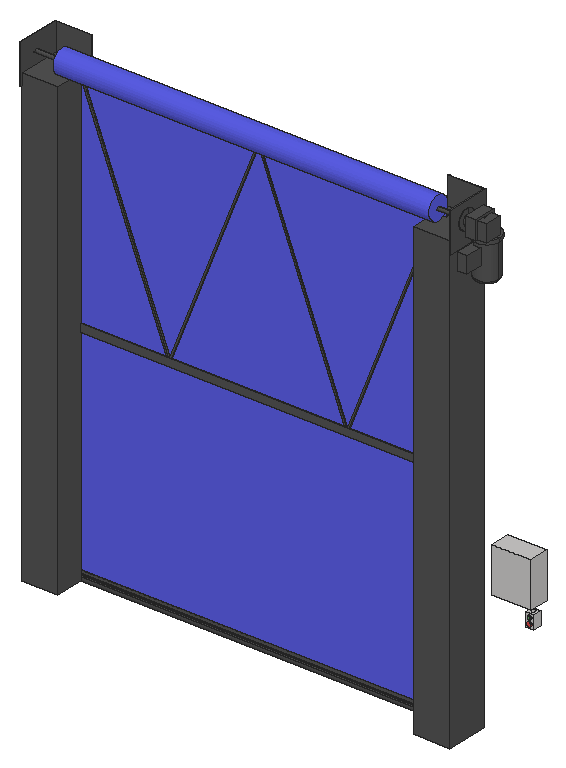
Revit family "Door_Rollup_SuperSeal_8500L", category Doors, host Wall, Revit 2011
Parameters (values of type "ByType")
  Wind Load = ""
  Water Penetration = ""
  Vision Panel Sill [instance] = 4' - 0"
  Vision Panel Material = Fabric - Vinyl - Super Seal - Transparent
  Vision Panel Height [instance] = 2' - 0"
  Vision Panel [instance] = no
  Sound Transmission Class (STC) = 0
  RO Offset = 0' - 0 1/2"
  Panel Material = Fabric - Vinyl - Super Seal - Blue
  Max Door Width = 30' - 0"
  Max Door Height = 25' - 0"
  Manufacturer Phone = "800-337-3239 "
  Manual Crank = no
  Function = Interior
  Frame Thickness = 1' - 1"
  Frame Finish = Metal - Steel - Super Seal - Painted - Black
  Electric Motor = ""
  Control Box Offset [instance] = 2' - 0"
  Control Box Material = Metal - Stainless Steel - Super Seal - Brushed
  Control Box Height [instance] = 4' - 0"
  Building Code Conformance = ""
  Air Infiltration = ""
  ASTM Conformance = ""
  Warranty Duration (Years) = 0
  URL = "http://www.supersealmfg.com/"
  Thickness = 0' - 0"
  Test Data = ""
  Specification = ""
  SpecWizard = ""
  Send Message = "http://www.arcat.com/users.pl?action=UserEmail&company=Super-Seal%20Mfg.%20Ltd&coid=44693&rep=119&fax=905-850-4440 &mf="
  Sales Information = "http://www.supersealmfg.com/ContactUs.htm"
  Rough Width = (Width + (RO Offset * 2))  # 9' - 1"
  Rough Height = (Height + (RO Offset))  # 9' - 3"
  R_Value = 0
  Product Properties = ""
  Product Data = "http://arcat.com/arcatcos/cos44/arc44693.html?isac=1&r=1"
  Manufacturer Website = "http://www.supersealmfg.com/"
  Manufacturer Phone - Toll Free = "800-337-3239 "
  Manufacturer Fax = "905-850-4440 "
  Manufacturer Address = "670 Rowntree Dairy Rd. Woodbridge , ON, Canada L4L-5T8"
  Maintenance Schedule (Months) = 0
  Installation-Fabrication = ""
  Installation Phase = ""
  Green Building-LEED = ""
  Model = "As Specified"
  Manufacturer = "Super-Seal Mfg. Ltd"
  Keynote = "08300"
  Height = 9' - 2 1/2"
  Wall Closure = By host
  Width = 9' - 0"
  Fire Rating = "As Specified"
  Expected Lifespan (Years) = 0
  Drawn By = "Sumex Design, Inc. / Robert S. Weygant, CSI, CDT, SCIP"
  Description = "Super Seal "
  Copyright = "©Arcat Inc."
  Construction Details = "http://arcat.com/details/supersea/supersea.html?coid=44693"
  Building Codes = ""
  Assembly Code = ""
  ADA Compliant = yes
  AAMA Designation = ""
Reference planes (in)
  plane 1 "Center (Front/Back)": y = -33.96225
  plane 2 "Center (Left/Right)": x = 64.28704
  plane 3: z = 0
  plane 4 "Right": x = 118.28704
  plane 5 "Left": x = 10.28704
  plane 6 "Closure": y = -35.96225
  plane 7: z = 0
  plane 8 "Top of Frame": z = 110.5
  plane 9 "RO Top": z = 111
  plane 10 "RO Right": x = 118.78704
  plane 11 "RO Left": x = 9.78704
  plane 12 "Frame Int": y = -48.96225
  plane 13: x = 142.28704
  plane 14: z = 48
Lines and regions (in)
  Opening 1
    outline origin (-109.33485, -35.96225, 0) x (1, 0, 0) y (0, 0, 1)
      loop
        line (119.12189, 0) -> (228.12189, 0) -> (228.12189, 111) -> (119.12189, 111) -> (119.12189, 0)
Text (in)
  text "Exterior" at (36.47868, -4.19089, 0), in view "A101 - Plan View"
  text "Interior" at (36.47868, -56.64559, 0), in view "A101 - Plan View"
  text "Exterior" at (0, -17.98638, 123.01588), in view "Right"
  text "Interior" at (0, -64.39139, 123.01588), in view "Right"
  text "Interior" at (0, -52.09468, 121.14095), in view "Left"
  text "Exterior" at (0, 26.35325, 123.00693), in view "Left"
Dimensions and locks (in)
  equal spacing: plane 4 "Right", plane 2 "Center (Left/Right)", plane 5 "Left"
  "Width": plane 5 "Left" to plane 4 "Right"
  "Height": level to plane 8 "Top of Frame"
  "RO Offset": plane 5 "Left" to plane 11 "RO Left"
  "RO Offset": plane 10 "RO Right" to plane 4 "Right"
  "RO Offset": plane 9 "RO Top" to plane 8 "Top of Frame"
  "Frame Thickness": plane 12 "Frame Int" to host wall
  "Control Box Height": plane 14 to level
  "Control Box Offset": plane 4 "Right" to plane 13
  aligned and locked: host wall to plane 1 "Center (Front/Back)"
  aligned and locked: host wall to plane 6 "Closure"
  aligned and locked: Opening 1 sketch curve to level
  aligned and locked: plane 10 "RO Right" to Opening 1 sketch curve
  aligned and locked: Opening 1 sketch curve to plane 9 "RO Top"
  aligned and locked: plane 11 "RO Left" to Opening 1 sketch curve
  aligned and locked: plane 2 "Center (Left/Right)" to nested 1
  aligned and locked: host wall to nested 1
  aligned and locked: plane 2 "Center (Left/Right)" to nested 2
  aligned and locked: host wall to nested 2
  aligned and locked: nested 3 to plane 13
  aligned and locked: nested 3 to plane 14
Nested families (in)
  nested 1: "Frame_8500L" at (64.28704, -35.96225, 0), Material <- "Frame Finish", Opening Width <- "Width", Opening Height <- "Height", Manual Crank <- "Manual Crank", type "Frame_8500L"
    with offset 0' - 0", Opening Width 9' - 0", Opening Height 9' - 2 1/2", Material Metal - Steel - Super Seal - Painted - Black, Manual Crank no, Unit Depth 1' - 1 1/2"
  nested 2: "Door_8500L" at (64.28704, -35.96225, 0), Opening Width <- "Width", Opening Height <- "Height", Material <- "Panel Material", Vision Panel <- "Vision Panel", Vision Panel Material <- "Vision Panel Material", Vision Panel Sill <- "Vision Panel Sill", Vision Panel Height <- "Vision Panel Height", type "Door_8500L"
    with offset 0' - 0", Void Dist 0' - 1", Vision Panel Sill 4' - 0", Vision Panel Material Fabric - Vinyl - Super Seal - Transparent, Vision Panel Height 2' - 0", Vision Panel no, Opening Width 9' - 0", Opening Height 9' - 2 1/2", Material Fabric - Vinyl - Super Seal - Blue, Unit Width 2' - 8"
  nested 3: "Control Box_8500" at (142.28704, -35.96225, 48) x (1, 0, 0) z (0, -1, 0), Material <- "Control Box Material", type "Control Box_8500"
    with offset 0' - 0", Material Metal - Stainless Steel - Super Seal - Brushed
Definition of nested family "Frame_8500L"
  Parameters
    offset [instance] = 0' - 0"
    Warranty Duration (Years) = 0
    Unit Width = 2' - 8"
    Unit Height = 2' - 8"
    Unit Depth = 0' - 11"
    URL = "http://www.supersealmfg.com/"
    Specification = ""
    SpecWizard = ""
    Send Message = "http://www.arcat.com/users.pl?action=UserEmail&company=Super-Seal%20Mfg.%20Ltd&coid=44693&rep=119&fax=905-850-4440 &mf="
    Sales Information = "http://www.supersealmfg.com/ContactUs.htm"
    Revision = "R1_07-2011"
    Product Properties = ""
    Product Data = "http://arcat.com/arcatcos/cos44/arc44693.html?isac=1&r=1"
    Opening Width [instance] = 6' - 0"
    Opening Height [instance] = 8' - 0"
    Model = "As Specified"
    Material [instance] = none
    Manufacturer Website = "http://www.supersealmfg.com/"
    Manufacturer Phone - Toll Free = "800-337-3239 "
    Manufacturer Phone = "800-337-3239 "
    Manufacturer Fax = "905-850-4440 "
    Manufacturer Address = "670 Rowntree Dairy Rd. Woodbridge , ON, Canada L4L-5T8"
    Manufacturer = "Super-Seal Mfg. Ltd"
    Manual Crank [instance] = no
    Maintenance Schedule (Months) = 0
    Keynote = ""
    Installation-Fabrication = ""
    Installation Phase = ""
    Green Building-LEED = ""
    Expected Lifespan (Years) = 0
    Drawn By = "Sumex Design, Inc. / Robert S. Weygant, CSI, CDT, SCIP"
    Description = "Super Seal"
    Copyright = "©Arcat Inc."
    Construction Details = "http://arcat.com/details/supersea/supersea.html?coid=44693"
    Assembly Code = ""
  Reference planes (in)
    plane 1 "Center (Front/Back)": y = 0
    plane 2 "Bottom": z = 0
    plane 3 "Center (Left/Right)": x = 0
    plane 4 "Front": y = -11
    plane 5 "Left": x = -36
    plane 6 "Right": x = 36
    plane 7 "Top": z = 96
    plane 8: x = -47
    plane 9: x = 47
    plane 10: y = -13
    plane 11: x = -49.375
    plane 12: x = 57.375
    plane 13: z = 132
    plane 14 "Axle Plane": y = -7.5
    plane 15: y = -5
    plane 16: x = 51.80625
  Forms (in)
    Extrusion 1, solid, material <- "Material"
      sketch origin (0, 0, 0) x (1, 0, 0) y (0, 1, 0)
        loop
          line (-47, 0) -> (-47, -13) -> (-36, -13) -> (-36, -4.5) -> (-39, -4.5) -> (-39, -3.5) -> (-36, -3.5) -> (-36, 0) -> (-47, 0)
        loop
          line (47, 0) -> (36, 0) -> (36, -3.5) -> (39, -3.5) -> (39, -4.5) -> (36, -4.5) -> (36, -13) -> (47, -13) -> (47, 0)
      from 0 to 123.5
    Extrusion 2, solid, material <- "Material"
      sketch origin (-58.67198, -180, 132) x (-1, 0, 0) y (0, -1, 0)
        loop
          line (-22.67198, -180) -> (-11.29698, -180) -> (-11.29698, -169.325) -> (-11.67198, -169.325) -> (-11.67198, -179.875) -> (-22.67198, -179.875) -> (-22.67198, -180)
        loop
          line (-94.67198, -180) -> (-94.67198, -179.875) -> (-105.67198, -179.875) -> (-105.67198, -169.27155) -> (-106.04698, -169.27155) -> (-106.04698, -180) -> (-94.67198, -180)
      from 0 to -12
    Revolve 3, solid, material <- "Material"
      sketch origin (0, -7.5, -0.003) x (-1, 0, 0) y (0, 0, 1)
        loop
          line (49.375, 127.253) -> (49.375, 127.84355) -> (48.804, 127.84355) -> (48.804, 128.0555) -> (48.474, 128.0555) -> (48.474, 128.881) -> (47.756, 128.881) -> (47.756, 130.148) -> (47.375, 130.148) -> (47.375, 127.84355) -> (-47.375, 127.84355) -> (-47.375, 130.148) -> (-47.881, 130.148) -> (-47.881, 128.881) -> (-48.599, 128.881) -> (-48.599, 128.0555) -> (-48.929, 128.0555) -> (-48.929, 127.84355) -> (-52.7125, 127.84355) -> (-52.7125, 129.56557) -> (-53.2125, 129.56557) -> (-53.2125, 127.253) -> (49.375, 127.253)
        axis (49.375, 127.253) -> (-53.2125, 127.253)
      angle from 0 to 360
    Extrusion 4, solid, material <- "Material"
      sketch origin (0, -7.5, -0.003) x (-1, 0, 0) y (0, 0, 1)
        loop
          line (-49.775, 130.06557) -> (-52.7125, 130.06557) -> (-52.7125, 124.44057) -> (-49.775, 124.44057) -> (-49.775, 130.06557)
      from -2.8125 to 4
    Extrusion 5, solid, material <- "Material"
      sketch origin (0, -7.5, -0.003) x (-1, 0, 0) y (0, 0, 1)
        loop
          line (-53.2125, 129.75294) -> (-55.65, 129.75294) -> (-55.65, 124.75294) -> (-53.2125, 124.75294) -> (-53.2125, 129.75294)
      from -2.5 to 2.5
    Revolve 6, solid, material <- "Material"
      sketch origin (0, -5, 135.36458) x (0, 0, 1) y (-1, 0, 0)
        loop
          line (-12.42701, -48.30625) -> (-22.92701, -48.30625)
          arc (-22.92701, -48.30625) -> (-23.28056, -48.4527) -> (-23.42701, -48.80625) r 0.5
          line (-23.42701, -48.80625) -> (-23.42701, -51.80625) -> (-10.92701, -51.80625) -> (-10.92701, -50.05625) -> (-11.05201, -50.05625) -> (-11.42701, -47.86875) -> (-12.42701, -47.86875) -> (-12.42701, -48.30625)
        axis (-23.42701, -51.80625) -> (-10.92701, -51.80625)
      angle from 0 to 360
    Extrusion 7, solid, material <- "Material"
      sketch origin (-11.94222, -11, 65.2496) x (-1, 0, 0) y (0, 0, 1)
        loop
          line (-61.87347, 56.44057) -> (-64.49847, 56.44057) -> (-64.49847, 51.44057) -> (-61.87347, 51.44057) -> (-61.87347, 56.44057)
      from 0 to 6
    Sweep 8, solid, material <- "Material", visible <- "Manual Crank"
      path origin (51.80625, -180, 117.4349) x (0, 0, -1) y (0, -1, 0)
        loop
          line (5.5, -175) -> (14.25736, -175)
          arc (14.25736, -175) -> (15.40541, -174.77164) -> (16.37868, -174.12132) r 3
          line (16.37868, -174.12132) -> (18.51041, -171.98959)
          arc (18.51041, -171.98959) -> (19.48368, -171.33927) -> (20.63173, -171.11091) r 3
          line (20.63173, -171.11091) -> (22.88909, -171.11091)
      profile origin (51.80625, -5, 107.55622) x (-1, 0, 0) y (0, -1, 0)
        loop
          circle (0, 0) r 0.25
  Cuts and joins
    joined: Extrusion 1, Extrusion 2
    joined: Revolve 6, Extrusion 7
  Dimensions and locks (in)
    equal spacing: plane 5 "Left", plane 3 "Center (Left/Right)", plane 6 "Right"
    "Opening Width": plane 5 "Left" to plane 6 "Right"
    "Unit Depth": plane 1 "Center (Front/Back)" to plane 4 "Front"
    "Opening Height": plane 7 "Top" to level
    locked: plane 6 "Right" to plane 9 at 11
    locked: plane 8 to plane 5 "Left" at 11
    locked: plane 10 to plane 1 "Center (Front/Back)" at 13
    locked: plane 9 to plane 12 at 10.375
    locked: plane 11 to plane 8 at 2.375
    locked: plane 13 to plane 7 "Top" at 36
    locked: plane 13 to Extrusion 1 at 8.5
    plane 14 "Axle Plane" to plane 1 "Center (Front/Back)" = 0' - 7 1/2"
    locked: plane 1 "Center (Front/Back)" to plane 15 at 5
    locked: plane 16 to plane 9 at 4.80625
    locked: plane 1 "Center (Front/Back)" to plane 14 "Axle Plane" at 7.5
    aligned and locked: Extrusion 7 to plane 15
  Automatic sketch dimensions
    Extrusion 2 sketch curve to plane 1 "Center (Front/Back)" = 0' - 0"  (x2)
    Extrusion 2 sketch curve to plane 9 = 0' - 0"
    Extrusion 2 sketch curve to plane 6 "Right" = 0' - 0"
    Extrusion 2 sketch curve to plane 5 "Left" = 0' - 0"
    Extrusion 2 sketch curve to plane 8 = 0' - 0"
    plane 9 to Extrusion 2 sketch curve = 0' - 0 3/8"
    Extrusion 2 sketch curve to plane 8 = 0' - 0 3/8"
    plane 1 "Center (Front/Back)" to Extrusion 2 sketch curve = 0' - 0 1/8"  (x2)
    plane 4 "Front" to Extrusion 2 sketch curve = 0' - 0.27155"
    plane 4 "Front" to Extrusion 2 sketch curve = 0' - 0.325"
    Revolve 3 sketch curve to plane 11 = 0' - 0"
    plane 11 to Revolve 3 sketch curve = 0' - 0.571"
    Revolve 3 sketch curve to Revolve 3 sketch curve = 0' - 0.33"  (x2)
    Revolve 3 sketch curve to Revolve 3 sketch curve = 0' - 0.718"  (x2)
    Revolve 3 sketch curve to plane 8 = 0' - 0 3/8"
    plane 9 to Revolve 3 sketch curve = 0' - 0 3/8"
    Revolve 3 sketch curve to Revolve 3 sketch curve = 0' - 0.506"
    Revolve 3 sketch curve to plane 13 = 0' - 4 3/4"
    plane 12 to Revolve 3 sketch curve = 1' - 1 1/4"
    Revolve 3 sketch curve to Revolve 3 sketch curve = 0' - 0 1/4"
    Revolve 3 sketch curve to Revolve 3 sketch curve = 0' - 0.59055"  (x2)
    Revolve 3 sketch curve to Revolve 3 sketch curve = 0' - 0"
    Revolve 3 sketch curve to Revolve 3 sketch curve = 0' - 0.21195"  (x2)
    Revolve 3 sketch curve to Revolve 3 sketch curve = 0' - 0.8255"  (x2)
    Revolve 3 sketch curve to plane 13 = 0' - 2.43743"
    Revolve 3 sketch curve to Revolve 3 sketch curve = 0' - 1.267"  (x2)
    Revolve 3 sketch curve to Revolve 3 sketch curve = 0' - 0 1/2"
    Revolve 3 sketch curve to Revolve 3 sketch curve = 0' - 1.72201"
    Revolve 3 sketch curve to plane 12 = 0' - 4.1625"
    Extrusion 4 sketch curve to plane 13 = 0' - 1.93743"
    Extrusion 4 sketch curve to plane 12 = 0' - 4.6625"
    plane 9 to Extrusion 4 sketch curve = 0' - 2.775"
    Extrusion 4 sketch curve to Extrusion 4 sketch curve = 0' - 5 5/8"
    Extrusion 5 sketch curve to plane 12 = 0' - 1.725"
    Extrusion 5 sketch curve to Extrusion 5 sketch curve = 0' - 2 7/16"
    Extrusion 5 sketch curve to plane 13 = 0' - 7.25006"
    Extrusion 5 sketch curve to plane 13 = 0' - 2.25006"
    plane 7 "Top" to Revolve 6 sketch curve = 1' - 3.68757"
    plane 7 "Top" to Revolve 6 sketch curve = 1' - 3.93757"
    Revolve 6 sketch curve to Revolve 6 sketch curve = 0' - 0 1/2"
    plane 9 to Revolve 6 sketch curve = 0' - 0.86875"
    plane 7 "Top" to Revolve 6 sketch curve = 2' - 2.93757"
    Revolve 6 sketch curve to Revolve 6 sketch curve = 0' - 1"
    Revolve 6 sketch curve to Revolve 6 sketch curve = 0' - 0 3/8"
    Revolve 6 sketch curve to Revolve 6 sketch curve = 0' - 0 1/8"
    plane 13 to Revolve 6 sketch curve = 1' - 7.43757"
    Revolve 6 sketch curve to Revolve 6 sketch curve = 0' - 0 7/16"
    Revolve 6 sketch curve to Revolve 6 sketch curve = 0' - 2 3/16"
    plane 9 to Revolve 6 sketch curve = 0' - 4.80625"
    Revolve 6 sketch curve to Revolve 6 sketch curve = 0' - 1 3/4"
    Extrusion 7 sketch curve to plane 12 = 0' - 4.81875"
    plane 9 to Extrusion 7 sketch curve = 0' - 2.93125"
    plane 7 "Top" to Extrusion 7 sketch curve = 1' - 8.69017"
    Extrusion 7 sketch curve to Extrusion 7 sketch curve = 0' - 5"
    Sweep 8 sketch curve to plane 15 = 0' - 0"
    plane 7 "Top" to Sweep 8 sketch curve = 1' - 3.9349"
    Sweep 8 sketch curve to Sweep 8 sketch curve = 0' - 8.75736"
    plane 15 to Sweep 8 sketch curve = 0' - 0.87868"
    Sweep 8 sketch curve to Sweep 8 sketch curve = 0' - 2.12132"  (x2)
    plane 4 "Front" to Sweep 8 sketch curve = 0' - 2.98959"
    Sweep 8 sketch curve to Sweep 8 sketch curve = 0' - 2.13173"
    plane 15 to Sweep 8 sketch curve = 0' - 0.88909"
    Sweep 8 sketch curve to Sweep 8 sketch curve = 0' - 2.25736"
    Sweep 8 sketch curve to plane 16 = 0' - 0"
    Sweep 8 sketch curve to profile plane = 0' - 0"
    Extrusion 1 sketch curve to plane 8 = 0' - 0"
    Extrusion 1 sketch curve to plane 5 "Left" = 0' - 0"  (x2)
    Extrusion 1 sketch curve to plane 6 "Right" = 0' - 0"  (x2)
    Extrusion 1 sketch curve to plane 1 "Center (Front/Back)" = 0' - 0"  (x2)
    Extrusion 1 sketch curve to plane 9 = 0' - 0"
    Extrusion 1 sketch curve to plane 10 = 0' - 0"  (x2)
    Extrusion 1 sketch curve to plane 15 = 0' - 0 1/2"  (x2)
    Extrusion 1 sketch curve to plane 5 "Left" = 0' - 3"
    Extrusion 1 sketch curve to Extrusion 1 sketch curve = 0' - 3"
    Extrusion 1 sketch curve to Extrusion 1 sketch curve = 0' - 1"  (x2)
    radius of Sweep 8 sketch curve = 0' - 0 1/4"
Definition of nested family "Door_8500L"
  Parameters
    offset [instance] = 0' - 0"
    Warranty Duration (Years) = 0
    Void Dist [instance] = if(Vision Panel, 0' 5", 0' 1")  # 0' - 1"
    Vision Panel Sill [instance] = 4' - 0"
    Vision Panel Material [instance] = none
    Vision Panel Height [instance] = 2' - 0"
    Vision Panel [instance] = no
    Unit Width = 4' - 0"
    Unit Height = 2' - 8"
    Unit Depth = 1' - 1 1/2"
    URL = "http://www.supersealmfg.com/"
    Specification = ""
    SpecWizard = ""
    Send Message = "http://www.arcat.com/users.pl?action=UserEmail&company=Super-Seal%20Mfg.%20Ltd&coid=44693&rep=119&fax=905-850-4440 &mf="
    Sales Information = "http://www.supersealmfg.com/ContactUs.htm"
    Revision = "R1_07-2011"
    Product Properties = ""
    Product Data = "http://arcat.com/arcatcos/cos44/arc44693.html?isac=1&r=1"
    Opening Width [instance] = 6' - 0"
    Opening Height [instance] = 8' - 0"
    Model = "As Specified"
    Material [instance] = none
    Manufacturer Website = "http://www.supersealmfg.com/"
    Manufacturer Phone - Toll Free = "800-337-3239 "
    Manufacturer Phone = "800-337-3239 "
    Manufacturer Fax = "905-850-4440 "
    Manufacturer Address = "670 Rowntree Dairy Rd. Woodbridge , ON, Canada L4L-5T8"
    Manufacturer = "Super-Seal Mfg. Ltd"
    Maintenance Schedule (Months) = 0
    Keynote = ""
    Installation-Fabrication = ""
    Installation Phase = ""
    Green Building-LEED = ""
    Expected Lifespan (Years) = 0
    Drawn By = "Sumex Design, Inc. / Robert S. Weygant, CSI, CDT, SCIP"
    Description = "Super Seal"
    Copyright = "©Arcat Inc."
    Construction Details = "http://arcat.com/details/supersea/supersea.html?coid=44693"
    Assembly Code = ""
  Reference planes (in)
    plane 1 "Center (Front/Back)": y = 0
    plane 2 "Bottom": z = 0
    plane 3 "Center (Left/Right)": x = 0
    plane 4 "Left": x = -36
    plane 5 "Right": x = 36
    plane 6 "Top": z = 96
    plane 7: z = 132
    plane 8 "Axle Plane": y = -7.5
    plane 9: y = -4
    plane 10: z = 127.253
    plane 11: z = 61.75
    plane 12: x = -39
    plane 13: x = 39
    plane 14: z = 123.5
    plane 15: x = -18
    plane 16: x = 18
    plane 17: z = 48
    plane 18: z = 72
  Forms (in)
    Extrusion 1, solid, material <- "Material"
      sketch origin (-39, 8.35727, 48) x (0, 1, 0) y (0, 0, 1)
        loop
          arc (-12.35727, 79.253) -> (-19.32588, 79.72071) -> (-12.48227, 78.32598) r 3.5
          line (-12.48227, 78.32598) -> (-12.48227, -45) -> (-12.35727, -45) -> (-12.35727, 79.253)
      from 0 to 78
    Extrusion 2, solid, material "Metal - Steel - Super Seal - Painted - Black"
      sketch origin (-39, 8.35727, 48) x (0, 1, 0) y (0, 0, 1)
        loop
          arc (-12.21791, -48) -> (-12.04074, -47.45957) -> (-12.00256, -46.89212) r 2.2843
          arc (-12.00256, -46.89212) -> (-12.05299, -46.65791) -> (-12.17223, -46.45011) r 0.77874
          arc (-12.17223, -46.45011) -> (-12.24036, -46.30946) -> (-12.24075, -46.15318) r 0.35132
          line (-12.24075, -46.15318) -> (-11.99075, -46.15318) -> (-11.99075, -45.97807) -> (-12.25214, -45.97807) -> (-12.25214, -45) -> (-12.5874, -45) -> (-12.5874, -45.97807) -> (-12.84879, -45.97807) -> (-12.84879, -46.15318) -> (-12.59879, -46.15318)
          arc (-12.59879, -46.15318) -> (-12.59918, -46.30946) -> (-12.66732, -46.45011) r 0.35132
          arc (-12.66732, -46.45011) -> (-12.78656, -46.65791) -> (-12.83698, -46.89212) r 0.77874
          arc (-12.83698, -46.89212) -> (-12.79881, -47.45957) -> (-12.62163, -48) r 2.2843
          line (-12.62163, -48) -> (-12.21791, -48)
      from 0 to 78
    Extrusion 3, solid, material "Metal - Steel - Super Seal - Painted - Black"
      sketch origin (-36, 16.34522, 48) x (0, 1, 0) y (0, 0, 1)
        loop
          line (-20.47022, 14.875) -> (-20.97022, 14.875) -> (-20.97022, 12.625) -> (-20.47022, 12.625) -> (-20.47022, 14.875)
      from 0 to 72
    Sweep 4, solid, material "Metal - Steel - Super Seal - Painted - Black"
      path origin (-36, -4, 48) x (-1, 0, 0) y (0, 0, 1)
        loop
          line (0, 75.5) -> (-18, 13.75) -> (-36, 75.5) -> (-54, 13.75) -> (-72, 75.5)
      profile origin (-27, -4, 92.625) x (-0.960044, 0, -0.279851) y (0, 1, 0)
        loop
          line (0.25, -0.375) -> (0.25, -0.25) -> (-0.25, -0.25) -> (-0.25, -0.375) -> (0.25, -0.375)
    Extrusion 5, void
      sketch origin (-48.01566, -7.5, 48) x (1, 0, 0) y (0, 0, 1)
        loop
          line (12.01566, 24) -> (12.01566, 0) -> (84.01566, 0) -> (84.01566, 24) -> (12.01566, 24)
      from 0 to -1
    Extrusion 6, solid, material <- "Vision Panel Material", visible <- "Vision Panel"
      sketch origin (-36, -4, 48) x (-1, 0, 0) y (0, 0, 1)
        loop
          line (0, 24) -> (-72, 24) -> (-72, 0) -> (0, 0) -> (0, 24)
      from 0 to -0.125
  Cuts and joins
    joined: Extrusion 3, Sweep 4
    Extrusion 5 cuts Extrusion 1
  Dimensions and locks (in)
    equal spacing: plane 4 "Left", plane 3 "Center (Left/Right)", plane 5 "Right"
    "Opening Width": plane 4 "Left" to plane 5 "Right"
    "Opening Height": plane 6 "Top" to level
    locked: plane 7 to plane 6 "Top" at 36
    plane 8 "Axle Plane" to plane 1 "Center (Front/Back)" = 0' - 7 1/2"
    plane 1 "Center (Front/Back)" to plane 9 = 0' - 4"
    locked: plane 7 to plane 10 at 4.747
    locked: plane 5 "Right" to plane 13 at 3
    locked: plane 12 to plane 4 "Left" at 3
    locked: plane 14 to plane 6 "Top" at 27.5
    plane 1 "Center (Front/Back)" to plane 8 "Axle Plane" = 0' - 7 1/2"
    equal spacing: plane 14, plane 11, level
    equal spacing: plane 5 "Right", plane 16, plane 3 "Center (Left/Right)"
    equal spacing: plane 3 "Center (Left/Right)", plane 15, plane 4 "Left"
    "Vision Panel Sill": plane 17 to level
    "Vision Panel Height": plane 18 to plane 17
    "Void Dist": Extrusion 5 to plane 8 "Axle Plane"
    aligned and locked: plane 13 to Extrusion 1
    aligned and locked: plane 13 to Extrusion 2
    aligned and locked: plane 5 "Right" to Extrusion 3
  Automatic sketch dimensions
    Extrusion 1 sketch curve to plane 8 "Axle Plane" = 0' - 0"
    Extrusion 1 sketch curve to plane 9 = 0' - 0"
    Extrusion 1 sketch curve to plane 10 = 0' - 0"
    Extrusion 1 sketch curve to Extrusion 1 sketch curve = 0' - 0 1/8"
    level to Extrusion 1 sketch curve = 0' - 3"
    Extrusion 3 sketch curve to plane 9 = 0' - 0 5/8"
    Extrusion 3 sketch curve to plane 9 = 0' - 0 1/8"
    Extrusion 3 sketch curve to plane 11 = 0' - 1 1/8"
    plane 11 to Extrusion 3 sketch curve = 0' - 1 1/8"
    Sweep 4 sketch curve to plane 5 "Right" = 0' - 0"
    Sweep 4 sketch curve to plane 11 = 0' - 0"  (x2)
    Sweep 4 sketch curve to plane 16 = 0' - 0"
    Sweep 4 sketch curve to plane 3 "Center (Left/Right)" = 0' - 0"
    Sweep 4 sketch curve to plane 15 = 0' - 0"
    Sweep 4 sketch curve to plane 4 "Left" = 0' - 0"
    Sweep 4 sketch curve to plane 14 = 0' - 0"  (x3)
    profile plane to Sweep 4 sketch curve = 0' - 0 1/4"
    Sweep 4 sketch curve to plane 9 = 0' - 0 1/4"
    Sweep 4 sketch curve to profile plane = 0' - 0 1/4"
    Sweep 4 sketch curve to Sweep 4 sketch curve = 0' - 0 1/8"
    Extrusion 2 sketch curve to level = 0' - 0"
    plane 8 "Axle Plane" to Extrusion 2 sketch curve = 0' - 1 147/256"
    Extrusion 2 sketch curve to plane 9 = 0' - 0.58424"
    Extrusion 2 sketch curve to Extrusion 2 sketch curve = 0' - 0.09272"  (x2)
    Extrusion 2 sketch curve to plane 9 = 0' - 0.47971"
    Extrusion 2 sketch curve to Extrusion 2 sketch curve = 0' - 0"  (x4)
    Extrusion 2 sketch curve to Extrusion 2 sketch curve = 0' - 0.05697"  (x2)
    Extrusion 2 sketch curve to plane 9 = 0' - 0.31004"
    Extrusion 2 sketch curve to plane 9 = 0' - 0.26436"
    Extrusion 2 sketch curve to plane 9 = 0' - 0.24152"
    Extrusion 2 sketch curve to Extrusion 2 sketch curve = 0' - 0.01139"
    plane 9 to Extrusion 2 sketch curve = 0' - 0.10513"
    plane 9 to Extrusion 2 sketch curve = 0' - 0.11652"
    plane 9 to Extrusion 2 sketch curve = 0' - 0.13936"
    plane 9 to Extrusion 2 sketch curve = 0' - 0.18504"
    plane 9 to Extrusion 2 sketch curve = 0' - 0.29774"
    Extrusion 2 sketch curve to Extrusion 2 sketch curve = 0' - 0.26139"
    level to Extrusion 2 sketch curve = 0' - 0.97629"  (x2)
    Extrusion 2 sketch curve to Extrusion 2 sketch curve = 0' - 1.44608"
    Extrusion 2 sketch curve to Extrusion 2 sketch curve = 0' - 0.17511"  (x2)
    Extrusion 2 sketch curve to Extrusion 2 sketch curve = 0' - 0.97807"
    Extrusion 6 sketch curve to plane 5 "Right" = 0' - 0"
    Extrusion 6 sketch curve to plane 4 "Left" = 0' - 0"
    Extrusion 6 sketch curve to plane 17 = 0' - 0"
    Extrusion 6 sketch curve to plane 18 = 0' - 0"
    Extrusion 5 sketch curve to plane 5 "Right" = 0' - 0"
    Extrusion 5 sketch curve to plane 4 "Left" = 0' - 0"
    Extrusion 5 sketch curve to plane 17 = 0' - 0"
    Extrusion 5 sketch curve to plane 18 = 0' - 0"
Definition of nested family "Control Box_8500"
  Parameters
    offset [instance] = 0' - 0"
    Warranty Duration (Years) = 0
    Unit Width = 0' - 11 7/8"
    Unit Height = 1' - 1 3/4"
    Unit Depth = 0' - 6"
    URL = "http://www.supersealmfg.com/"
    Specification = ""
    SpecWizard = ""
    Send Message = "http://www.arcat.com/users.pl?action=UserEmail&company=Super-Seal%20Mfg.%20Ltd&coid=44693&rep=119&fax=905-850-4440 &mf="
    Sales Information = "http://www.supersealmfg.com/ContactUs.htm"
    Revision = "R1_07-2011"
    Product Properties = ""
    Product Data = "http://arcat.com/arcatcos/cos44/arc44693.html?isac=1&r=1"
    Model = "As Specified"
    Material [instance] = none
    Manufacturer Website = "http://www.supersealmfg.com/"
    Manufacturer Phone - Toll Free = "800-337-3239 "
    Manufacturer Phone = "800-337-3239 "
    Manufacturer Fax = "905-850-4440 "
    Manufacturer Address = "670 Rowntree Dairy Rd. Woodbridge , ON, Canada L4L-5T8"
    Manufacturer = "Super-Seal Mfg. Ltd"
    Maintenance Schedule (Months) = 0
    Keynote = ""
    Installation-Fabrication = ""
    Installation Phase = ""
    Green Building-LEED = ""
    Expected Lifespan (Years) = 0
    Drawn By = "Sumex Design, Inc. / Robert S. Weygant, CSI, CDT, SCIP"
    Description = "Super Seal"
    Default Elevation = 4' - 0"
    Copyright = "©Arcat Inc."
    Construction Details = "http://arcat.com/details/supersea/supersea.html?coid=44693"
    Assembly Code = ""
  Reference planes (in)
    plane 1 "Center (Front/Back)": y = 0
    plane 2 "Bottom": z = 0
    plane 3 "Center (Left/Right)": x = 0
    plane 4 "Front": y = -6.875
    plane 5 "Back": y = 6.875
    plane 6 "Left": x = -5.9375
    plane 7 "Right": x = 5.9375
    plane 8 "Top": z = 6
  Forms (in)
    Extrusion 1, solid, material <- "Material"
      sketch origin (0, 0, 0) x (1, 0, 0) y (0, 1, 0)
        loop
          line (-5.9375, 6.875) -> (-5.9375, -6.875) -> (5.9375, -6.875) -> (5.9375, 6.875) -> (-5.9375, 6.875)
      from 0 to 6
    Extrusion 2, solid, material "Plastic - Super Seal - Green", detail levels medium+fine
      sketch origin (0, 0, 2.5) x (1, 0, 0) y (0, 1, 0)
        loop
          circle (2.80585, -11.46354) r 0.4625
      from 0 to 0.25
    Extrusion 3, solid, material "Plastic - Super Seal - Green", detail levels medium+fine
      sketch origin (0, 0, 2.5) x (1, 0, 0) y (0, 1, 0)
        loop
          circle (2.80585, -11.46354) r 0.5625
      from 0 to 0.125
    Extrusion 4, solid, material "Plastic - Super Seal - Red", detail levels medium+fine
      sketch origin (0, 0, 2.5) x (1, 0, 0) y (0, 1, 0)
        loop
          circle (2.80585, -13.18897) r 0.625
      from 0 to 0.25
    Extrusion 5, solid, material <- "Material"
      sketch origin (0, 0, 0) x (1, 0, 0) y (0, 1, 0)
        loop
          line (1.49335, -10.3752) -> (1.49335, -14.3752) -> (4.11835, -14.3752) -> (4.11835, -10.3752) -> (1.49335, -10.3752)
      from 0 to 2.5
    Revolve 6, solid, material <- "Material"
      sketch origin (0, 0, 1) x (1, 0, 0) y (0, 1, 0)
        loop
          line (2.80585, -6.875) -> (2.80585, -10.3752) -> (3.21391, -10.3752) -> (3.21391, -9.80062) -> (3.03346, -9.80062) -> (3.03346, -6.875) -> (2.80585, -6.875)
        axis (2.80585, -6.875) -> (2.80585, -10.3752)
      angle from 0 to 360
  Cuts and joins
    joined: Extrusion 2, Extrusion 3
  Lines and regions (in)
    model lines, style "Controls", detail levels medium+fine
      curve 1: line (-1.03868, 5.47859, 6) -> (3.63585, 5.47859, 6)
      curve 2: line (-1.03868, 3.662, 6) -> (-1.03868, 5.47859, 6)
      curve 3: line (3.63585, 3.662, 6) -> (-1.03868, 3.662, 6)
      curve 4: line (3.63585, 5.47859, 6) -> (3.63585, 3.662, 6)
      curve 5: line (4.05557, 3.19495, 6) -> (5.10244, 3.19495, 6)
      curve 6: line (4.05557, 0.25488, 6) -> (4.05557, 3.19495, 6)
      curve 7: line (5.10244, 0.25488, 6) -> (4.05557, 0.25488, 6)
      curve 8: line (5.10244, 3.19495, 6) -> (5.10244, 0.25488, 6)
    model lines, style "Controls", detail levels fine
      curve 9: circle (4.59444, 2.80986, 6) r 0.27052 normal (0, 0, 1)
      curve 10: circle (4.59444, 1.72855, 6) r 0.27052 normal (0, 0, 1)
      curve 11: circle (4.59444, 0.64723, 6) r 0.27052 normal (0, 0, 1)
  Dimensions and locks (in)
    equal spacing: plane 6 "Left", plane 3 "Center (Left/Right)", plane 7 "Right"
    "Unit Width": plane 6 "Left" to plane 7 "Right"
    equal spacing: plane 5 "Back", plane 1 "Center (Front/Back)", plane 4 "Front"
    "Unit Height": plane 5 "Back" to plane 4 "Front"
    "Unit Depth": plane 8 "Top" to level
    aligned and locked: plane 8 "Top" to Extrusion 1
  Automatic sketch dimensions
    Extrusion 1 sketch curve to plane 4 "Front" = 0' - 0"
    Extrusion 1 sketch curve to plane 6 "Left" = 0' - 0"
    Extrusion 1 sketch curve to plane 7 "Right" = 0' - 0"
    Extrusion 1 sketch curve to plane 5 "Back" = 0' - 0"
    curve 7 to plane 1 "Center (Front/Back)" = 0' - 0.25488"
    curve 7 to plane 7 "Right" = 0' - 0.83506"
    curve 5 to curve 9 = 0' - 0.50801"
    curve 10 to curve 9 = 0' - 0"
    curve 7 to curve 11 = 0' - 0.50801"
    curve 9 to curve 5 = 0' - 0.53887"
    curve 4 to plane 7 "Right" = 0' - 2.30165"
    curve 2 to plane 3 "Center (Left/Right)" = 0' - 1.03868"
    curve 11 to curve 7 = 0' - 0.39235"
    curve 10 to curve 11 = 0' - 1.08131"
    curve 9 to curve 10 = 0' - 1.08131"
    curve 6 to curve 9 = 0' - 0.38509"
    curve 2 to plane 5 "Back" = 0' - 3.213"
    curve 1 to plane 5 "Back" = 0' - 1.39641"
    plane 3 "Center (Left/Right)" to Extrusion 5 sketch curve = 0' - 1.49335"
    Extrusion 5 sketch curve to plane 7 "Right" = 0' - 1.81915"
    Extrusion 5 sketch curve to plane 4 "Front" = 0' - 7.5002"
    Extrusion 5 sketch curve to plane 4 "Front" = 0' - 3.5002"
    Extrusion 2 sketch curve to Extrusion 5 = 0' - 1 5/16"
    Extrusion 2 sketch curve to Extrusion 5 = 0' - 1.08834"
    Extrusion 3 sketch curve to Extrusion 5 = 0' - 1 5/16"
    Extrusion 3 sketch curve to Extrusion 5 = 0' - 1.08834"
    Extrusion 4 sketch curve to Extrusion 5 = 0' - 1 5/16"
    Extrusion 4 sketch curve to Extrusion 5 = 0' - 1.18623"
    Revolve 6 sketch curve to plane 4 "Front" = 0' - 0"
    plane 3 "Center (Left/Right)" to Revolve 6 sketch curve = 0' - 2.80585"
    Revolve 6 sketch curve to Revolve 6 sketch curve = 0' - 0"
    Revolve 6 sketch curve to Revolve 6 sketch curve = 0' - 0.22761"
    Revolve 6 sketch curve to Revolve 6 sketch curve = 0' - 0.40807"
    Revolve 6 sketch curve to plane 4 "Front" = 0' - 2.92562"
    Revolve 6 sketch curve to Revolve 6 sketch curve = 0' - 0.57458"
    Revolve 6 sketch curve to Revolve 6 sketch curve = 0' - 0.4226"
    Revolve 6 sketch curve to Revolve 6 sketch curve = 0' - 0 1/4"
    radius of curve 9 = 0' - 0.27052"
    radius of curve 10 = 0' - 0.27052"
    radius of curve 11 = 0' - 0.27052"
    radius of Extrusion 2 sketch curve = 0' - 0.4625"
    radius of Extrusion 3 sketch curve = 0' - 0 9/16"
    radius of Extrusion 4 sketch curve = 0' - 0 5/8"
